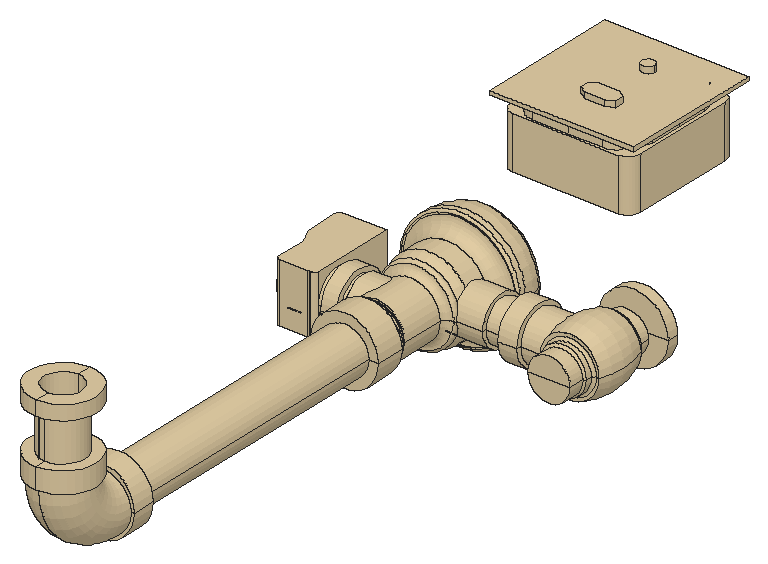
Revit family "Plumbing-Valves-Sloan-REGAL-152-WB-ESSz", category Plumbing Fixtures, host Face, Revit 2019
Family settings
  Host = Face
  Round Connector Dimension = Use Diameter
  Part Type = Normal
  OmniClass Number = 23.45.05.14.99
  OmniClass Title = Other Sanitary Washing Plumbing Fixtures
  Cut with Voids When Loaded = No
  Shared = No
  Room Calculation Point = No
Parameters (values of type "REGAL 152 ESS-1.6-OR-HW")
  Water Inlet Connection Diameter = 1"  # constant formula
  Waste Connection = no
  WFU = 0
  Voltage = 24 V
  Vent Connection = no
  Valve Pressure Drop = 0.00 psi
  URL = "www.sloanvalve.com"
  Product data url = "https://www.bimobject.com/sloan_valve/product/flushometers_regal-152-ess"
  Product Material = Sloan Valve - Finish - Rough Brass
  Product Guid = ""  # constant formula
  Power Factor = 0.8
  Part Number = "3581615"
  Operating Water Pressure = "15 – 80 PSI (103 – 552 kPa)"  # constant formula
  Number of Poles = 3
  Model = "REGAL 152 ESS-1.6-OR-HW"
  Manufacturer = "Sloan Valve"  # constant formula
  Keynote = "15410"
  Height = 16 1/2"  # constant formula
  HWFU = 0
  HW Connection = no
  Flush Rate = "1.6 gpf (6.0 Lpf)"
  Edition number = 1
  Description = "1.6 gpf, Rough Brass Finish, Fixture Connection Rear Spud, Single\r\nFlush, Electrical Override, Hardwired, Sensor-Operated, Regal®\r\nConcealed Sensor Hardwired Water Closet Flushometer."
  Default Elevation = 0"
  Current = 0 A
  Centerline of Supply to Centerline of Valve = 4 3/4"  # constant formula
  Centerline of Supply from Top of Fixture = 14 1/2"  # constant formula
  CWFU = 0
  CW Connection = yes
  Assembly Code = "D2020300"
  Apparent Load = (Voltage * Current) / (Power Factor * Number of Poles)  # 0 VA
Types (2): name | Part Number | Model | Description
  REGAL 152 ESS-1.6-OR-HW | "3581615" | "REGAL 152 ESS-1.6-OR-HW" | "1.6 gpf, Rough Brass Finish, Fixture Connection Rear Spud, Single\r\nFlush, Electrical Override, Hardwired, Sensor-Operated, Regal®\r\nConcealed Sensor Hardwired Water Closet Flushometer."
  REGAL 152 ESS-1.6-OR-2-10-3/4-LDIM-HW | "3581601" | "REGAL 152 ESS-1.6-OR-2-10-3/4-LDIM-HW" | "1.6 gpf, Rough Brass Finish, Fixture Connection Rear Spud, Single\r\nFlush, 2-10.75 L Dimension, Electrical Override, Hardwired, SensorOperated, Regal® Concealed Sensor Hardwired Water Closet\r\nFlushometer."
Reference planes
  plane 1 "Center (Front/Back)": y = 0
  plane 2: z = 0
  plane 3 "Center (Left/Right)": x = 0
  plane 4: y = -53.975
Dimensions and locks
  aligned and locked: plane 2 to host face
  aligned and locked: level to host face
Nested families
  nested 1: "Geometry" at (0, -53.975, 0) x (1, 0, 0) z (0, 1, 0), type "Geometry"
Connectors
  piping at (122.082, 221.027, -71.129), diameter 25.4, driven by "Water Inlet Connection Diameter", driven by "CWFU", driven by "Valve Pressure Drop"
    settings: on nested 1, index 3, connector inside diameter 24", connector length 0", flow factor 0, pipe flow 0 GPM, pressure drop 0.00 psi, fitting loss kfactor 0, connector angle 0.00°, fixture units 0, engagement length 0", angle of deflection 0.00°, flow configuration 3, flow direction 1, fitting loss method 4, system type 20, joint type 0, gender type 0, connector reference index -1, connector utility 0, adjustable connector no, is connector primary yes, connector description "Water Inlet Connection"
  electrical at (0.809, 441.222, -54.566), driven by "Number of Poles", driven by "Voltage", driven by "Apparent Load", driven by "Apparent Load", driven by "Apparent Load", driven by "Power Factor"
    settings: on nested 1, index 4, voltage 24 V, apparent load 0 VA, apparent load phase1 0 VA, apparent load phase2 0 VA, apparent load phase3 0 VA, power factor 0.8, load classification "Other", number of poles 3, system type 31, power factor state 1, is connector primary yes, connector utility no, sub classification motor no, connector description "Electrical Connection"
Definition of nested family "Geometry"
  Parameters (values of type "Geometry")
    URL = ""
    Product Material = none
    Model = ""
    Manufacturer = ""
    Keynote = ""
    Description = ""
    Default Elevation = 0"
    Assembly Code = ""
  Reference planes
    plane 1 "Center (Front/Back)": y = 0
    plane 2: z = 0
    plane 3 "Center (Left/Right)": x = 0
    plane 4: z = -55.515
  Forms (mm)
    Extrusion 1, solid
      sketch origin (0, 0, 0) x (1, 0, 0) y (0, 1, 0)
        loop
          line (-1219.2, 1219.2) -> (-1219.2, -1219.2) -> (1219.2, -1219.2) -> (1219.2, 1219.2) -> (-1219.2, 1219.2)
      from 0 to -304.8
    Sweep 2, solid, material <- "Product Material"
      path origin (0, -12.859, -436.121) x (0, 1, 0) y (0, 0, 1)
        loop
          arc (48.337, 380.325) -> (76.391, 393.607) -> (83.848, 423.738) r 36.206
      profile origin (0, 63.532, -42.514) x (0, -0.774032, 0.633146) y (1, 0, 0)
        loop
          circle (0, 0) r 23.813
    Extrusion 3, solid, material <- "Product Material"
      sketch origin (0, 0.238, -436.121) x (1, 0, 0) y (0, 0, 1)
        loop
          line (-48.85, 763.437) -> (-81.849, 763.437)
          arc (-81.849, 763.437) -> (-85.612, 761.878) -> (-87.171, 758.115) r 5.322
          line (-87.171, 758.115) -> (-87.171, 737.55)
          arc (-87.171, 737.55) -> (-85.639, 731.276) -> (-82.665, 725.542) r 27.076
          arc (-82.665, 725.542) -> (-81.502, 722.759) -> (-80.873, 719.809) r 16.261
          line (-80.873, 719.809) -> (-80.873, 695.978)
          arc (-80.873, 695.978) -> (-79.842, 693.488) -> (-77.351, 692.457) r 3.522
          line (-77.351, 692.457) -> (-55.031, 692.457) -> (-55.031, 693.38) -> (-51.971, 693.38) -> (-51.971, 692.387)
          arc (-51.971, 692.387) -> (-50.089, 693.625) -> (-48.85, 695.508) r 5.576
          line (-48.85, 695.508) -> (-48.85, 763.437)
      from -94.29 to -47.492
    Revolve 4, solid, material <- "Product Material"
      sketch origin (0, -44.23, -55.515) x (0, 1, 0) y (0, 0, 1)
        loop
          line (79.961, 14.9) -> (79.961, 26.556) -> (63.299, 26.556) -> (63.299, 17.606) -> (27.496, 17.606) -> (27.496, 26.561) -> (15.875, 26.561) -> (15.875, 14.9) -> (79.961, 14.9)
        axis (15.875, 0) -> (79.961, 0)
      angle from 0 to 360
    Revolve 5, solid, material <- "Product Material"
      sketch origin (0, 71.129, -55.515) x (1, 0, 0) y (0, 0, 1)
        loop
          line (27.123, 55.515) -> (18.893, 55.515) -> (18.893, 280.202) -> (26.889, 280.202) -> (26.889, 303.131) -> (24.05, 305.97) -> (24.05, 307.476)
          arc (24.05, 307.476) -> (22.637, 308.699) -> (22.132, 310.498) r 3.245
          line (22.132, 310.498) -> (23.323, 310.498) -> (23.323, 345.49)
          arc (23.323, 345.49) -> (25.458, 349.471) -> (29.659, 351.131) r 6.568
          arc (29.659, 351.131) -> (31.345, 353.353) -> (30.453, 355.995) r 2.977
          arc (30.453, 355.995) -> (32.53, 359.886) -> (33.592, 364.168) r 17.889
          line (33.592, 364.168) -> (33.592, 381.831)
          arc (33.592, 381.831) -> (36.988, 390.03) -> (45.187, 393.426) r 11.595
          line (45.187, 393.426) -> (46.186, 393.426)
          arc (46.186, 393.426) -> (47.512, 393.975) -> (48.061, 395.301) r 1.875
          line (48.061, 395.301) -> (48.061, 400.331)
          arc (48.061, 400.331) -> (47.237, 408.889) -> (44.795, 417.132) r 44.851
          arc (44.795, 417.132) -> (42.23, 420.406) -> (38.315, 421.81) r 7.504
          line (38.315, 421.81) -> (25.126, 422.803) -> (25.126, 429.223) -> (0, 429.223) -> (0, 37.408) -> (27.123, 37.408) -> (27.123, 55.515)
        axis (0, 429.223) -> (0, 37.408)
      angle from 0 to 360
    Revolve 6, solid, material <- "Product Material"
      sketch origin (0, 71.129, -55.515) x (1, 0, 0) y (0, 0, 1)
        loop
          line (82.414, 391.348) -> (82.414, 394.505) -> (67.218, 394.505) -> (67.218, 388.155) -> (52.232, 388.155) -> (52.232, 390.903) -> (17.522, 390.903) -> (17.522, 371.504) -> (111.587, 371.504) -> (111.587, 391.348) -> (82.414, 391.348)
        axis (17.522, 371.504) -> (111.587, 371.504)
      angle from 0 to 360
    Revolve 7, solid, material <- "Product Material"
      sketch origin (0, 71.129, -56.706) x (1, 0, 0) y (0, 0, 1)
        loop
          line (122.082, 424.794) -> (122.082, 331.708) -> (138.751, 331.708) -> (138.751, 344.204) -> (140.635, 346.087) -> (140.635, 350.254)
          arc (140.635, 350.254) -> (141.274, 351.798) -> (142.818, 352.437) r 2.184
          line (142.818, 352.437) -> (145.494, 352.437)
          arc (145.494, 352.437) -> (149.124, 372.908) -> (145.494, 393.379) r 59.54
          arc (145.494, 393.379) -> (143.868, 394.845) -> (143.082, 396.887) r 4.701
          line (143.082, 396.887) -> (138.751, 396.887) -> (138.751, 409.283) -> (128.034, 409.283) -> (128.034, 416.158) -> (149.618, 416.158) -> (149.618, 424.794)
          arc (149.618, 424.794) -> (135.85, 421.402) -> (122.082, 424.794) r 29.64
        axis (122.082, 331.708) -> (122.082, 424.794)
      angle from 0 to 360
    Revolve 8, solid, material <- "Product Material"
      sketch origin (0, 71.129, -55.515) x (1, 0, 0) y (0, 0, 1)
        loop
          line (-4.292, 313.044) -> (-4.292, 334.129) -> (-77.734, 334.129) -> (-77.734, 314.311) -> (-43.297, 314.311) -> (-43.297, 310.557) -> (-31.267, 310.557) -> (-31.267, 314.311) -> (-28.866, 314.311) -> (-27.6, 313.044) -> (-4.292, 313.044)
        axis (-77.734, 334.129) -> (-4.292, 334.129)
      angle from 0 to 360
    Revolve 9, solid, material <- "Product Material"
      sketch origin (0, 71.129, -55.515) x (1, 0, 0) y (0, 0, 1)
        loop
          line (-79.798, 338.174) -> (-83.181, 338.174) -> (-83.181, 332.989) -> (-86.148, 332.989) -> (-86.148, 327.16) -> (-79.798, 327.16) -> (-79.798, 338.174)
        axis (-86.148, 327.16) -> (-79.798, 327.16)
      angle from 0 to 360
    Extrusion 10, solid, material <- "Product Material"
      sketch origin (0, -1.896, -428.037) x (1, 0, 0) y (0, 0, 1)
        loop
          arc (52.371, 965.271) -> (49.581, 972.006) -> (42.846, 974.796) r 9.525
          line (42.846, 974.796) -> (-41.228, 974.796)
          arc (-41.228, 974.796) -> (-47.963, 972.006) -> (-50.753, 965.271) r 9.525
          line (-50.753, 965.271) -> (-50.753, 881.197)
          arc (-50.753, 881.197) -> (-47.963, 874.461) -> (-41.228, 871.672) r 9.525
          line (-41.228, 871.672) -> (42.846, 871.672)
          arc (42.846, 871.672) -> (49.581, 874.461) -> (52.371, 881.197) r 9.525
          line (52.371, 881.197) -> (52.371, 965.271)
      from -56.462 to -15.149
    Extrusion 11, solid, material <- "Product Material"
      sketch origin (0, -1.896, -428.037) x (1, 0, 0) y (0, 0, 1)
        loop
          line (46.762, 956.382) -> (39.734, 966.96)
          arc (39.734, 966.96) -> (34.882, 971.36) -> (28.521, 972.922) r 13.352
          line (28.521, 972.922) -> (0.507, 972.922) -> (-27.507, 972.922)
          arc (-27.507, 972.922) -> (-33.868, 971.36) -> (-38.72, 966.96) r 13.352
          line (-38.72, 966.96) -> (-45.749, 956.382)
          arc (-45.749, 956.382) -> (-47.435, 952.894) -> (-48.122, 949.08) r 14.273
          line (-48.122, 949.08) -> (-48.122, 923.234) -> (-48.122, 897.387)
          arc (-48.122, 897.387) -> (-47.435, 893.573) -> (-45.749, 890.085) r 14.273
          line (-45.749, 890.085) -> (-38.72, 879.507)
          arc (-38.72, 879.507) -> (-33.868, 875.107) -> (-27.507, 873.545) r 13.352
          line (-27.507, 873.545) -> (0.507, 873.545) -> (28.521, 873.545)
          arc (28.521, 873.545) -> (34.882, 875.107) -> (39.734, 879.507) r 13.352
          line (39.734, 879.507) -> (46.762, 890.085)
          arc (46.762, 890.085) -> (48.449, 893.573) -> (49.135, 897.387) r 14.273
          line (49.135, 897.387) -> (49.135, 923.234) -> (49.135, 949.08)
          arc (49.135, 949.08) -> (48.449, 952.894) -> (46.762, 956.382) r 14.273
      from -15.149 to -4.485
    Extrusion 12, solid, material <- "Product Material"
      sketch origin (0, 0, -428.037) x (1, 0, 0) y (0, 0, 1)
        loop
          line (-9.525, 906.408) -> (-9.525, 899.083) -> (-3.499, 895.604) -> (12.207, 895.604) -> (18.58, 899.283) -> (18.58, 906.269) -> (12.416, 909.828) -> (-3.602, 909.828) -> (-9.525, 906.408)
      from 0 to 5.151
    Extrusion 13, solid, material <- "Product Material"
      sketch origin (0, -1.896, -428.037) x (1, 0, 0) y (0, 0, 1)
        loop
          line (58.544, 980.65) -> (-55.756, 980.65) -> (-55.756, 866.475) -> (58.544, 866.475) -> (58.544, 980.65)
      from -4.485 to -1.154
    Extrusion 14, solid, material <- "Product Material"
      sketch origin (0, 0, -428.037) x (1, 0, 0) y (0, 0, 1)
        loop
          circle (4.401, 948.78) r 5.049
      from 0 to 5.109
  Lines and regions (mm)
    Masking region 1
      outline origin (0, 55.254, 0) x (1, 0, 0) y (0, 1, 0)
        loop
          line (-47.625, 43.298) -> (-162.112, 43.298) -> (-162.112, -55.254) -> (-184.15, -55.254) -> (-184.15, -60.131) -> (-17.931, -60.131) -> (-17.931, -71.987) -> (-26.561, -71.987) -> (-26.561, -83.608) -> (26.561, -83.608) -> (26.561, -71.987) -> (17.931, -71.987) -> (17.931, -60.131) -> (188.766, -60.131) -> (188.766, -55.254) -> (171.24, -55.254) -> (171.24, 43.298) -> (47.625, 43.298) -> (47.625, 35.635) -> (43.335, 35.635) -> (43.335, 39.666) -> (41.799, 39.666)
          arc (41.799, 39.666) -> (0, 63.855) -> (-41.799, 39.666) r 48.21
          line (-41.799, 39.666) -> (-43.335, 39.666) -> (-43.335, 35.635) -> (-47.625, 35.635) -> (-47.625, 43.298)
    symbolic lines, detail levels medium+fine
      curve 1: line (-47.625, 90.889, 0) -> (-47.625, 54.566, 0)
      curve 2: line (-47.625, 54.566, 0) -> (47.625, 54.566, 0)
      curve 3: line (47.625, 54.566, 0) -> (47.625, 90.889, 0)
      curve 4: arc (-41.799, 94.92, 0) -> (-47.517, 75.044, 0) -> (-44.621, 54.566, 0) r 49.532
      curve 5: arc (41.799, 94.92, 0) -> (47.422, 75.08, 0) -> (45.33, 54.566, 0) r 54.9
      curve 6: line (-17.931, -4.877, 0) -> (17.931, -4.877, 0)
    symbolic lines, detail levels fine
      curve 7: arc (18.894, 54.566, 0) -> (0, 96.255, 0) -> (-18.894, 54.566, 0) r 25.126
      curve 8: line (-162.112, 0, 0) -> (171.24, 0, 0)
      curve 9: line (-17.606, -16.733, 0) -> (17.931, -16.733, 0)
  Dimensions and locks
    level to plane 4 = 2.18563"
    aligned and locked: plane 2 to Extrusion 1
    aligned and locked: level to Extrusion 1
